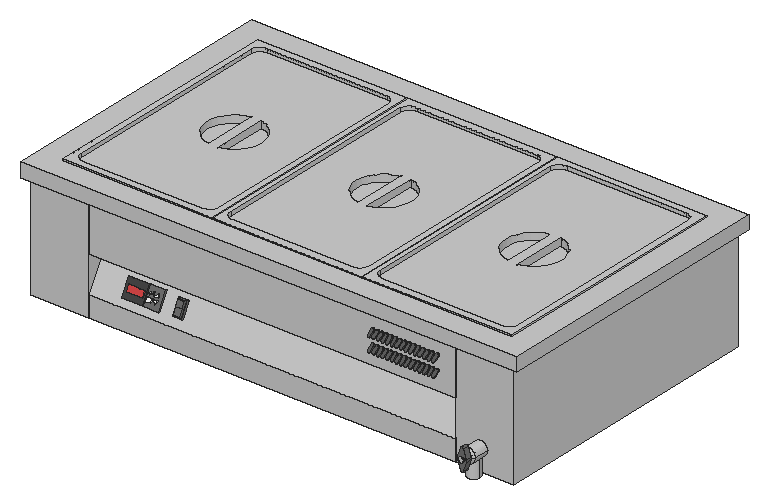
Revit family "QF_INOMAK_MAV610_250604100943", category Specialty Equipment, Revit 2021
Family settings
  Round Connector Dimension = Use Diameter
  Part Type = Normal
  OmniClass Number = 23.40.40.14
  OmniClass Title = Food Service Equipment
  Work Plane-Based = No
  Always vertical = Yes
  Cut with Voids When Loaded = No
  Shared = No
  Room Calculation Point = No
Parameters (values of type "MAV610")
  Weight [instance] = 22.00 kg
  Waste Water Discharge Temperature [instance] = 0 °C
  Waste Remarks [instance] = ""
  Warranty Start Date [instance] = ""
  Warranty Duration [instance] = ""
  Volts [instance] = 230 V
  Volt Free Conn [instance] = no
  URL Recommended Spares List [instance] = ""
  URL Manufacturer [instance] = ""
  URL Cutsheet [instance] = ""
  URL Critical Spares List [instance] = ""
  URL = "www.inomak.com"
  Technical Documentation [instance] = ""
  Tag Number [instance] = ""
  Status [instance] = ""
  Start Up Current [instance] = 0 A
  Specification by User [instance] = ""
  Specification by Manufacturer [instance] = ""
  Sound Level [instance] = ""
  Show Logo [instance] = yes
  Show Clearances [instance] = yes
  Service Life Duration [instance] = ""
  Serial Number [instance] = ""
  Seismic Rating [instance] = ""
  SMACNA No [instance] = ""
  Revision Code [instance] = ""
  Revision [instance] = ""
  Production Year [instance] = ""
  Potential Equalisation [instance] = no
  Point Load [instance] = 0
  Plumbing Connection Type [instance] = ""
  Phase [instance] = 1
  Other Equipment Approvals [instance] = ""
  Operational Current [instance] = 0 A
  Number of Poles [instance] = 2
  No Load Power Draw [instance] = no
  NAFEM Spec ID Number [instance] = ""
  Model Warning [instance] = ""
  Model = "MAV610"
  Min Ckt Ampacity [instance] = 0 A
  Max Overcurrent Protection [instance] = 10 A
  Masterspec [instance] = ""
  Manufacturer = "INOMAK"
  Main switch integrated [instance] = no
  Length Actual [instance] = 1078 mm
  Item Number [instance] = ""
  Installed By [instance] = ""
  Installation Date [instance] = ""
  Indirect Waste Size [instance] = 25.4 mm
  Indirect Waste Remarks [instance] = ""
  Indirect Waste Flow [instance] = 0.0 L/s
  Indirect Waste Connection Type [instance] = ""
  Indirect Waste Connection Height [instance] = 0 mm
  Identify Quantity as Lot [instance] = no
  ID [instance] = ""
  Hygiene Approval [instance] = ""
  Height Actual [instance] = 268 mm
  HP power [instance] = ""
  Furnished By [instance] = ""
  Foodservice Equipment Identifier [instance] = no
  FL Amps [instance] = 8.7 A
  Electrical Remarks [instance] = ""
  Electric power [instance] = 2000 W
  Electric Connection Type [instance] = ""
  Elec Conn RI Height [instance] = 0 mm
  Elec Conn Connection Height [instance] = 0 mm
  ETL Approved [instance] = no
  Direct Waste Water Discharge Temperature [instance] = -273.15 °C
  Direct Waste Size [instance] = 25.4 mm
  Direct Waste RI Height [instance] = 0 mm
  Direct Waste Flow [instance] = 0.0 L/s
  Direct Waste Connection Height [instance] = 0 mm
  Description = "PORTABLE BAIN MARIE WITH 3 GN PANS CAPACITY"
  Depth Actual [instance] = 629 mm
  Default Elevation = 0 mm
  Cycle [instance] = 50 Hz
  Cost = 0
  Connection to energy optimisation system [instance] = yes
  Conn Plug [instance] = ""
  Conn Conduit [instance] = no
  Centralized building control system with digital interface [instance] = ""
  CSI MasterFormat [instance] = ""
  CE Approved [instance] = no
  Barcode [instance] = 0
  Author [instance] = ""
  Asset Identifier [instance] = ""
  Apparent Power [instance] = 2000 VA
  Accessory [instance] = no
Reference planes
  plane 1 "Center (Front/Back)": y = 0
  plane 2: z = 0
  plane 3 "Center (Left/Right)": x = 0
Forms (mm)
  Extrusion 1, solid, not visible
    sketch origin (995.049, -600.029, 12.001) x (1, 0, 0) y (0, 1, 0)
      loop
        line (-2, 2) -> (-2, -2) -> (2, -2) -> (2, 2) -> (-2, 2)
    from -2 to 2
  Extrusion 2, solid, not visible
    sketch origin (80.004, -600.029, 12.001) x (1, 0, 0) y (0, 1, 0)
      loop
        line (-2, 2) -> (-2, -2) -> (2, -2) -> (2, 2) -> (-2, 2)
    from -2 to 2
Dimensions and locks
  locked: nested 2 to Extrusion 1 at 2  (x2)
  locked: nested 3 to Extrusion 2 at 2  (x2)
  aligned and locked: level to plane 2
Nested families
  nested 1: "QF_INOMAK_PORTABLE_BAIN_MARIES_1080_2920" at (0, 0, 0), type "MAV610"
    with Weight 22.00 kg, Warranty Start Date "", Warranty Duration "", URL Cutsheet "", Technical Documentation "", Tag Number "", Status "", Specification by User "", Specification by Manufacturer "", Sound Level "", Solid Fuel Type "", Show Logo yes, Show Clearances yes, Service Life Duration "", Serial Number "", Seismic Rating "", SMACNA No "", Revision Code "", Revision "", Production Year "", Point Load 0, Other Equipment Approvals "", NAFEM Spec ID Number "", Model Warning "", Masterspec "", Length Actual 1078 mm, Item Number "", Installed By "", Installation Date "", Identify Quantity as Lot yes, ID "", Hygiene Approval "", Height Actual 268 mm, Furnished By "", Foodservice Equipment Identifier yes, ETL Approved yes, Depth Actual 629 mm, CSI MasterFormat "", CE Approved yes, Barcode "", Author "", Asset Identifier "", Accessory no
  nested 2: "CONN_POINT_DRAIN_2D___Generic_Annotation" at (995.049, -600.029, 10), type "CONN_POINT_DRAIN_2D___Generic_Annotation"
    with Onboard connection annotation symbol visibility yes
  nested 3: "CONN_POINT_ELE_2D___Generic_Annotation" at (80.004, -600.029, 10), type "CONN_POINT_ELE_2D___Generic_Annotation"
    with Onboard connection annotation symbol visibility yes
Connectors
  piping at (995.049, -600.029, 10), diameter 25.4, driven by "Indirect Waste Size", driven by "Direct Waste Flow"
    settings: on Extrusion 1, index 1, connector inside diameter 609.6 mm, connector length 0 mm, flow factor 0, pipe flow 0.0 L/s, pressure drop 0.0 Pa, fitting loss kfactor 0, connector angle 0.00°, fixture units 0, engagement length 0 mm, angle of deflection 0.00°, flow configuration 1, flow direction 2, fitting loss method 0, system type 16, joint type 0, gender type 0, connector reference index -1, connector utility 0, adjustable connector no, is connector primary yes, connector description "Waste connection for MAV610"
  electrical at (80.004, -600.029, 10), driven by "Apparent Power", driven by "Number of Poles", driven by "Volts"
    settings: on Extrusion 2, index 2, voltage 230 V, apparent load 0 VA, apparent load phase1 2000 VA, apparent load phase2 0 VA, apparent load phase3 0 VA, power factor 1, load classification "Other", number of poles 2, system type 31, power factor state 1, is connector primary yes, connector utility no, sub classification motor no, connector description "Electrical connection for MAV610"
Definition of nested family "QF_INOMAK_PORTABLE_BAIN_MARIES_1080_2920"
  Parameters (values of type "MBSQ610")
    Weight [instance] = 0.00 kg
    Warranty Start Date [instance] = ""
    Warranty Duration [instance] = ""
    URL Cutsheet [instance] = ""
    URL = "www.inomak.com"
    Technical Documentation [instance] = ""
    Tag Number [instance] = ""
    Status [instance] = ""
    Specification by User [instance] = ""
    Specification by Manufacturer [instance] = ""
    Sound Level [instance] = ""
    Solid Fuel Type [instance] = ""
    Show Logo [instance] = yes
    Show Clearances [instance] = yes
    Service Life Duration [instance] = ""
    Serial Number [instance] = ""
    Seismic Rating [instance] = ""
    SMACNA No [instance] = ""
    Revision Code [instance] = ""
    Revision [instance] = ""
    Production Year [instance] = ""
    Point Load [instance] = 0
    Other Equipment Approvals [instance] = ""
    NAFEM Spec ID Number [instance] = ""
    Model Warning [instance] = ""
    Model = "MBSQ610"
    Masterspec [instance] = ""
    Manufacturer = "INOMAK"
    Length Actual [instance] = 0 mm
    Item Number [instance] = ""
    Installed By [instance] = ""
    Installation Date [instance] = ""
    Identify Quantity as Lot [instance] = yes
    ID [instance] = ""
    Hygiene Approval [instance] = ""
    Height Actual [instance] = 0 mm
    Furnished By [instance] = ""
    Foodservice Equipment Identifier [instance] = yes
    ETL Approved [instance] = yes
    Description = "PORTABLE BAIN MARIE WITH 3 GN PANS CAPACITY AND SQUARE SHOWCASE"
    Depth Actual [instance] = 0 mm
    Default Elevation = 0 mm
    CSI MasterFormat [instance] = ""
    CE Approved [instance] = yes
    Barcode [instance] = ""
    Author [instance] = ""
    Asset Identifier [instance] = ""
    Assembly Code = "E1090320"
    Accessory [instance] = yes
  Types (5, lengths in mm): name | Model | Description
    MBV610 | "MBV610" | "PORTABLE BAIN MARIE WITH 3 GN PANS CAPACITY AND SHOWCASE"
    MAV610 | "MAV610" | "PORTABLE BAIN MARIE WITH 3 GN PANS CAPACITY"
    MEV610 | "MEV610" | "PORTABLE BAIN MARIE WITH 3 GN PANS CAPACITY AND SINGLE SNEEZE GUARD"
    MSV610 | "MSV610" | "PORTABLE BAIN MARIE WITH 3 GN PANS CAPACITY AND DOUBLE SNEEZE GUARD"
    MBSQ610 | "MBSQ610" | "PORTABLE BAIN MARIE WITH 3 GN PANS CAPACITY AND SQUARE SHOWCASE"
  Reference planes
    plane 1 "Back": y = 0
    plane 2: z = 0
    plane 3 "Left": x = 0
    plane 4 "Right": x = 1078
    plane 5 "Front": y = -629
    plane 6 "Top": z = 268
  Forms (mm)
    Extrusion 1, solid
      sketch origin (233.428, -636, -16.393) x (-1, 0, 0) y (0, 0, 1)
        loop
          arc (-522.253, 222.665) -> (-526.351, 223.763) -> (-527.449, 219.665) r 3
          line (-527.449, 219.665) -> (-518.449, 204.077)
          arc (-518.449, 204.077) -> (-514.351, 202.979) -> (-513.253, 207.077) r 3
          line (-513.253, 207.077) -> (-522.253, 222.665)
        loop
          arc (-532.253, 222.665) -> (-536.351, 223.763) -> (-537.449, 219.665) r 3
          line (-537.449, 219.665) -> (-528.449, 204.077)
          arc (-528.449, 204.077) -> (-524.351, 202.979) -> (-523.253, 207.077) r 3
          line (-523.253, 207.077) -> (-532.253, 222.665)
        loop
          arc (-542.253, 222.665) -> (-546.351, 223.763) -> (-547.449, 219.665) r 3
          line (-547.449, 219.665) -> (-538.449, 204.077)
          arc (-538.449, 204.077) -> (-534.351, 202.979) -> (-533.253, 207.077) r 3
          line (-533.253, 207.077) -> (-542.253, 222.665)
        loop
          arc (-552.253, 222.665) -> (-556.351, 223.763) -> (-557.449, 219.665) r 3
          line (-557.449, 219.665) -> (-548.449, 204.077)
          arc (-548.449, 204.077) -> (-544.351, 202.979) -> (-543.253, 207.077) r 3
          line (-543.253, 207.077) -> (-552.253, 222.665)
        loop
          arc (-562.253, 222.665) -> (-566.351, 223.763) -> (-567.449, 219.665) r 3
          line (-567.449, 219.665) -> (-558.449, 204.077)
          arc (-558.449, 204.077) -> (-554.351, 202.979) -> (-553.253, 207.077) r 3
          line (-553.253, 207.077) -> (-562.253, 222.665)
        loop
          arc (-572.253, 222.665) -> (-576.351, 223.763) -> (-577.449, 219.665) r 3
          line (-577.449, 219.665) -> (-568.449, 204.077)
          arc (-568.449, 204.077) -> (-564.351, 202.979) -> (-563.253, 207.077) r 3
          line (-563.253, 207.077) -> (-572.253, 222.665)
        loop
          arc (-582.253, 222.665) -> (-586.351, 223.763) -> (-587.449, 219.665) r 3
          line (-587.449, 219.665) -> (-578.449, 204.077)
          arc (-578.449, 204.077) -> (-574.351, 202.979) -> (-573.253, 207.077) r 3
          line (-573.253, 207.077) -> (-582.253, 222.665)
        loop
          arc (-592.253, 222.665) -> (-596.351, 223.763) -> (-597.449, 219.665) r 3
          line (-597.449, 219.665) -> (-588.449, 204.077)
          arc (-588.449, 204.077) -> (-584.351, 202.979) -> (-583.253, 207.077) r 3
          line (-583.253, 207.077) -> (-592.253, 222.665)
        loop
          arc (-602.253, 222.665) -> (-606.351, 223.763) -> (-607.449, 219.665) r 3
          line (-607.449, 219.665) -> (-598.449, 204.077)
          arc (-598.449, 204.077) -> (-594.351, 202.979) -> (-593.253, 207.077) r 3
          line (-593.253, 207.077) -> (-602.253, 222.665)
        loop
          arc (-612.253, 222.665) -> (-616.351, 223.763) -> (-617.449, 219.665) r 3
          line (-617.449, 219.665) -> (-608.449, 204.077)
          arc (-608.449, 204.077) -> (-604.351, 202.979) -> (-603.253, 207.077) r 3
          line (-603.253, 207.077) -> (-612.253, 222.665)
        loop
          arc (-622.253, 222.665) -> (-626.351, 223.763) -> (-627.449, 219.665) r 3
          line (-627.449, 219.665) -> (-618.449, 204.077)
          arc (-618.449, 204.077) -> (-614.351, 202.979) -> (-613.253, 207.077) r 3
          line (-613.253, 207.077) -> (-622.253, 222.665)
        loop
          arc (-632.253, 222.665) -> (-636.351, 223.763) -> (-637.449, 219.665) r 3
          line (-637.449, 219.665) -> (-628.449, 204.077)
          arc (-628.449, 204.077) -> (-624.351, 202.979) -> (-623.253, 207.077) r 3
          line (-623.253, 207.077) -> (-632.253, 222.665)
        loop
          arc (-642.253, 222.665) -> (-646.351, 223.763) -> (-647.449, 219.665) r 3
          line (-647.449, 219.665) -> (-638.449, 204.077)
          arc (-638.449, 204.077) -> (-634.351, 202.979) -> (-633.253, 207.077) r 3
          line (-633.253, 207.077) -> (-642.253, 222.665)
        loop
          arc (-652.253, 222.665) -> (-656.351, 223.763) -> (-657.449, 219.665) r 3
          line (-657.449, 219.665) -> (-648.449, 204.077)
          arc (-648.449, 204.077) -> (-644.351, 202.979) -> (-643.253, 207.077) r 3
          line (-643.253, 207.077) -> (-652.253, 222.665)
        loop
          arc (-662.253, 222.665) -> (-666.351, 223.763) -> (-667.449, 219.665) r 3
          line (-667.449, 219.665) -> (-658.449, 204.077)
          arc (-658.449, 204.077) -> (-654.351, 202.979) -> (-653.253, 207.077) r 3
          line (-653.253, 207.077) -> (-662.253, 222.665)
        loop
          arc (-522.253, 192.665) -> (-526.351, 193.763) -> (-527.449, 189.665) r 3
          line (-527.449, 189.665) -> (-518.449, 174.077)
          arc (-518.449, 174.077) -> (-514.351, 172.979) -> (-513.253, 177.077) r 3
          line (-513.253, 177.077) -> (-522.253, 192.665)
        loop
          arc (-532.253, 192.665) -> (-536.351, 193.763) -> (-537.449, 189.665) r 3
          line (-537.449, 189.665) -> (-528.449, 174.077)
          arc (-528.449, 174.077) -> (-524.351, 172.979) -> (-523.253, 177.077) r 3
          line (-523.253, 177.077) -> (-532.253, 192.665)
        loop
          arc (-542.253, 192.665) -> (-546.351, 193.763) -> (-547.449, 189.665) r 3
          line (-547.449, 189.665) -> (-538.449, 174.077)
          arc (-538.449, 174.077) -> (-534.351, 172.979) -> (-533.253, 177.077) r 3
          line (-533.253, 177.077) -> (-542.253, 192.665)
        loop
          arc (-552.253, 192.665) -> (-556.351, 193.763) -> (-557.449, 189.665) r 3
          line (-557.449, 189.665) -> (-548.449, 174.077)
          arc (-548.449, 174.077) -> (-544.351, 172.979) -> (-543.253, 177.077) r 3
          line (-543.253, 177.077) -> (-552.253, 192.665)
        loop
          arc (-562.253, 192.665) -> (-566.351, 193.763) -> (-567.449, 189.665) r 3
          line (-567.449, 189.665) -> (-558.449, 174.077)
          arc (-558.449, 174.077) -> (-554.351, 172.979) -> (-553.253, 177.077) r 3
          line (-553.253, 177.077) -> (-562.253, 192.665)
        loop
          arc (-572.253, 192.665) -> (-576.351, 193.763) -> (-577.449, 189.665) r 3
          line (-577.449, 189.665) -> (-568.449, 174.077)
          arc (-568.449, 174.077) -> (-564.351, 172.979) -> (-563.253, 177.077) r 3
          line (-563.253, 177.077) -> (-572.253, 192.665)
        loop
          arc (-582.253, 192.665) -> (-586.351, 193.763) -> (-587.449, 189.665) r 3
          line (-587.449, 189.665) -> (-578.449, 174.077)
          arc (-578.449, 174.077) -> (-574.351, 172.979) -> (-573.253, 177.077) r 3
          line (-573.253, 177.077) -> (-582.253, 192.665)
        loop
          arc (-592.253, 192.665) -> (-596.351, 193.763) -> (-597.449, 189.665) r 3
          line (-597.449, 189.665) -> (-588.449, 174.077)
          arc (-588.449, 174.077) -> (-584.351, 172.979) -> (-583.253, 177.077) r 3
          line (-583.253, 177.077) -> (-592.253, 192.665)
        loop
          arc (-602.253, 192.665) -> (-606.351, 193.763) -> (-607.449, 189.665) r 3
          line (-607.449, 189.665) -> (-598.449, 174.077)
          arc (-598.449, 174.077) -> (-594.351, 172.979) -> (-593.253, 177.077) r 3
          line (-593.253, 177.077) -> (-602.253, 192.665)
        loop
          arc (-612.253, 192.665) -> (-616.351, 193.763) -> (-617.449, 189.665) r 3
          line (-617.449, 189.665) -> (-608.449, 174.077)
          arc (-608.449, 174.077) -> (-604.351, 172.979) -> (-603.253, 177.077) r 3
          line (-603.253, 177.077) -> (-612.253, 192.665)
        loop
          arc (-622.253, 192.665) -> (-626.351, 193.763) -> (-627.449, 189.665) r 3
          line (-627.449, 189.665) -> (-618.449, 174.077)
          arc (-618.449, 174.077) -> (-614.351, 172.979) -> (-613.253, 177.077) r 3
          line (-613.253, 177.077) -> (-622.253, 192.665)
        loop
          arc (-632.253, 192.665) -> (-636.351, 193.763) -> (-637.449, 189.665) r 3
          line (-637.449, 189.665) -> (-628.449, 174.077)
          arc (-628.449, 174.077) -> (-624.351, 172.979) -> (-623.253, 177.077) r 3
          line (-623.253, 177.077) -> (-632.253, 192.665)
        loop
          arc (-642.253, 192.665) -> (-646.351, 193.763) -> (-647.449, 189.665) r 3
          line (-647.449, 189.665) -> (-638.449, 174.077)
          arc (-638.449, 174.077) -> (-634.351, 172.979) -> (-633.253, 177.077) r 3
          line (-633.253, 177.077) -> (-642.253, 192.665)
        loop
          arc (-652.253, 192.665) -> (-656.351, 193.763) -> (-657.449, 189.665) r 3
          line (-657.449, 189.665) -> (-648.449, 174.077)
          arc (-648.449, 174.077) -> (-644.351, 172.979) -> (-643.253, 177.077) r 3
          line (-643.253, 177.077) -> (-652.253, 192.665)
        loop
          arc (-662.253, 192.665) -> (-666.351, 193.763) -> (-667.449, 189.665) r 3
          line (-667.449, 189.665) -> (-658.449, 174.077)
          arc (-658.449, 174.077) -> (-654.351, 172.979) -> (-653.253, 177.077) r 3
          line (-653.253, 177.077) -> (-662.253, 192.665)
      from 16.5 to 18.5
    Extrusion 2, solid
      sketch origin (0, -641.208, 0) x (-1, 0, 0) y (0, 0, 1)
        loop
          line (-15, 10) -> (-15, 238) -> (-140, 238) -> (-140, 10) -> (-15, 10)
      from 22.208 to 631.208
    Extrusion 3, solid
      sketch origin (0, 0, 238) x (1, 0, 0) y (0, 1, 0)
        loop
          line (0, 0) -> (0, -629) -> (1078, -629) -> (1078, 0) -> (0, 0)
        loop
          line (51.5, -579) -> (1026.5, -579) -> (1026.5, -49) -> (51.5, -49) -> (51.5, -579)
      from 0 to 30
    Extrusion 4, solid
      sketch origin (1079, -641.208, 0) x (1, 0, 0) y (0, 0, -1)
        loop
          line (-15, -10) -> (-141, -10) -> (-141, -238) -> (-15, -238) -> (-15, -10)
      from 22.208 to 631.208
    Extrusion 5, solid
      sketch origin (-1, 0, 0) x (0, 1, 0) y (0, 0, 1)
        loop
          line (-619, 238) -> (-619, 133.92) -> (-579, 124.282) -> (-619, 55) -> (-619, 10) -> (-10, 10) -> (-10, 238) -> (-619, 238)
      from 141 to 939
    Revolve 6, solid
      sketch origin (0, -594, 0) x (-1, 0, 0) y (0, 0, 1)
        loop
          line (-27.5, 10) -> (-40, 10) -> (-40, 0) -> (-30, 0) -> (-27.5, 10)
        axis (-40, 0) -> (-40, 10)
      angle from 0 to 360
    Revolve 7, solid
      sketch origin (1078, -594, 0) x (1, 0, 0) y (0, 0, -1)
        loop
          line (-27.5, -10) -> (-30, 0) -> (-40, 0) -> (-40, -10) -> (-27.5, -10)
        axis (-40, 0) -> (-40, -10)
      angle from 0 to 360
    Extrusion 8, solid
      sketch origin (-1, -646.329, 9.665) x (-1, 0, 0) y (0, 0.5, 0.866025)
        loop
          line (-208.234, 108.408) -> (-253.234, 108.408) -> (-253.234, 68.408) -> (-208.234, 68.408) -> (-208.234, 108.408)
      from 0 to 2
    Extrusion 9, solid
      sketch origin (-612.766, -619.914, 59.417) x (-1, 0, 0) y (0, 0.5, 0.866025)
        loop
          line (-950, 15) -> (-930, 15) -> (-930, 50) -> (-950, 50) -> (-950, 15)
      from 0 to 3
    Extrusion 10, solid
      sketch origin (-584.766, -511.66, -3.083) x (0, 0.866025, -0.5) y (0, 0.5, 0.866025)
        loop
          line (-125, 18) -> (-125, 47)
          arc (-125, 47) -> (-127.961, 46.812) -> (-130.754, 45.81) r 10.576
          line (-130.754, 45.81) -> (-128, 32.5) -> (-128, 18) -> (-125, 18)
      from 905 to 919
    Extrusion 11, solid
      sketch origin (44, -646.329, 9.665) x (-1, 0, 0) y (0, 0.5, 0.866025)
        loop
          line (-208.234, 108.408) -> (-243.234, 108.408) -> (-243.234, 68.408) -> (-208.234, 68.408) -> (-208.234, 108.408)
      from 0 to 2
    Extrusion 12, solid
      sketch origin (-1, -646.762, 9.915) x (-1, 0, 0) y (0, 0.5, 0.866025)
        loop
          line (-213.234, 94.908) -> (-248.234, 94.908) -> (-248.234, 81.908) -> (-213.234, 81.908) -> (-213.234, 94.908)
      from 0 to 2.5
    Extrusion 13, solid
      sketch origin (-1, -646.762, 9.915) x (-1, 0, 0) y (0, 0.5, 0.866025)
        loop
          line (-271.558, 91.171) -> (-275.802, 98.522) -> (-280.047, 91.171) -> (-271.558, 91.171)
        loop
          line (-271.558, 85.645) -> (-280.047, 85.645) -> (-275.802, 78.294) -> (-271.558, 85.645)
        loop
          line (-257.397, 85.645) -> (-267.397, 85.645) -> (-267.397, 78.294) -> (-257.397, 78.294) -> (-257.397, 85.645)
        loop
          line (-265.397, 98.522) -> (-267.397, 98.522) -> (-267.397, 92.322) -> (-259.549, 92.322) -> (-259.549, 91.171) -> (-257.397, 93.322) -> (-259.549, 95.474) -> (-259.549, 94.322) -> (-265.397, 94.322) -> (-265.397, 98.522)
      from 0 to 2.5
    Revolve 14, solid
      sketch origin (0, -25, 0) x (-1, 0, 0) y (0, 0, -1)
        loop
          line (-27.5, -10) -> (-30, 0) -> (-40, 0) -> (-40, -10) -> (-27.5, -10)
        axis (-40, 0) -> (-40, -10)
      angle from 0 to 360
    Revolve 15, solid
      sketch origin (1078, -25, 0) x (1, 0, 0) y (0, 0, 1)
        loop
          line (-27.5, 10) -> (-40, 10) -> (-40, 0) -> (-30, 0) -> (-27.5, 10)
        axis (-40, 0) -> (-40, 10)
      angle from 0 to 360
    Extrusion 16, solid
      sketch origin (319, 4.125, 0) x (1, 0, 0) y (0, 1, 0)
        loop
          circle (672.38, -640.973) r 13
        loop
          circle (672.38, -640.973) r 11
      from 10 to 55
    Revolve 17, solid
      sketch origin (319, 1, 55) x (1, 0, 0) y (0, 1, 0)
        loop
          line (657.38, -620) -> (657.38, -651.68) -> (662.497, -655.973) -> (672.497, -655.973) -> (672.497, -620) -> (657.38, -620)
        axis (672.497, -655.973) -> (672.497, -620)
      angle from 0 to 360
    Extrusion 18, solid
      sketch origin (319, -629, 0) x (-1, 0, 0) y (0, 0, 1)
        loop
          circle (-672.38, 55) r 5
      from -41.78 to -25.973
    Extrusion 19, solid
      sketch origin (319, -629, 0) x (-1, 0, 0) y (0, 0, 1)
        loop
          arc (-682.087, 57.836) -> (-682.497, 55) -> (-682.087, 52.164) r 10
          line (-682.087, 52.164) -> (-676.619, 33.676)
          arc (-676.619, 33.676) -> (-672.497, 30.597) -> (-668.376, 33.676) r 4.298
          line (-668.376, 33.676) -> (-662.908, 52.164)
          arc (-662.908, 52.164) -> (-662.497, 55) -> (-662.908, 57.836) r 10
          line (-662.908, 57.836) -> (-668.376, 76.324)
          arc (-668.376, 76.324) -> (-672.497, 79.403) -> (-676.619, 76.324) r 4.298
          line (-676.619, 76.324) -> (-682.087, 57.836)
      from -39.243 to -29.243
    Extrusion 20, solid
      sketch origin (-3.5, 1, 0) x (1, 0, 0) y (0, 1, 0)
        loop
          line (55, -50) -> (55, -580) -> (380, -580) -> (380, -50) -> (55, -50)
        loop
          arc (87.5, -65) -> (73.358, -70.858) -> (67.5, -85) r 20
          line (67.5, -85) -> (67.5, -545.415)
          arc (67.5, -545.415) -> (73.358, -559.557) -> (87.5, -565.415) r 20
          line (87.5, -565.415) -> (347.5, -565.415)
          arc (347.5, -565.415) -> (361.642, -559.557) -> (367.5, -545.415) r 20
          line (367.5, -545.415) -> (367.5, -85)
          arc (367.5, -85) -> (361.642, -70.858) -> (347.5, -65) r 20
          line (347.5, -65) -> (87.5, -65)
      from 238 to 270
    Extrusion 21, solid
      sketch origin (-3.5, 1, -7) x (1, 0, 0) y (0, 1, 0)
        loop
          arc (67.5, -545.415) -> (73.358, -559.557) -> (87.5, -565.415) r 20
          line (87.5, -565.415) -> (347.5, -565.415)
          arc (347.5, -565.415) -> (361.642, -559.557) -> (367.5, -545.415) r 20
          line (367.5, -545.415) -> (367.5, -85)
          arc (367.5, -85) -> (361.642, -70.858) -> (347.5, -65) r 20
          line (347.5, -65) -> (87.5, -65)
          arc (87.5, -65) -> (73.358, -70.858) -> (67.5, -85) r 20
          line (67.5, -85) -> (67.5, -545.415)
      from 245 to 270
    Extrusion 22, void
      sketch origin (-3.5, 1, 8) x (1, 0, 0) y (0, 1, 0)
        loop
          arc (207.5, -256.046) -> (157.5, -315.207) -> (207.5, -374.368) r 60
          line (207.5, -374.368) -> (207.5, -256.046)
        loop
          line (227.5, -256.046) -> (227.5, -374.368)
          arc (227.5, -374.368) -> (277.5, -315.207) -> (227.5, -256.046) r 60
      from 240 to 270
    Extrusion 23, solid
      sketch origin (321.5, 1, 0) x (1, 0, 0) y (0, 1, 0)
        loop
          line (55, -50) -> (55, -580) -> (380, -580) -> (380, -50) -> (55, -50)
        loop
          arc (87.5, -65) -> (73.358, -70.858) -> (67.5, -85) r 20
          line (67.5, -85) -> (67.5, -545.415)
          arc (67.5, -545.415) -> (73.358, -559.557) -> (87.5, -565.415) r 20
          line (87.5, -565.415) -> (347.5, -565.415)
          arc (347.5, -565.415) -> (361.642, -559.557) -> (367.5, -545.415) r 20
          line (367.5, -545.415) -> (367.5, -85)
          arc (367.5, -85) -> (361.642, -70.858) -> (347.5, -65) r 20
          line (347.5, -65) -> (87.5, -65)
      from 238 to 270
    Extrusion 24, solid
      sketch origin (321.5, 1, -7) x (1, 0, 0) y (0, 1, 0)
        loop
          arc (67.5, -545.415) -> (73.358, -559.557) -> (87.5, -565.415) r 20
          line (87.5, -565.415) -> (347.5, -565.415)
          arc (347.5, -565.415) -> (361.642, -559.557) -> (367.5, -545.415) r 20
          line (367.5, -545.415) -> (367.5, -85)
          arc (367.5, -85) -> (361.642, -70.858) -> (347.5, -65) r 20
          line (347.5, -65) -> (87.5, -65)
          arc (87.5, -65) -> (73.358, -70.858) -> (67.5, -85) r 20
          line (67.5, -85) -> (67.5, -545.415)
      from 245 to 270
    Extrusion 25, void
      sketch origin (321.5, 1, 8) x (1, 0, 0) y (0, 1, 0)
        loop
          arc (207.5, -256.046) -> (157.5, -315.207) -> (207.5, -374.368) r 60
          line (207.5, -374.368) -> (207.5, -256.046)
        loop
          line (227.5, -256.046) -> (227.5, -374.368)
          arc (227.5, -374.368) -> (277.5, -315.207) -> (227.5, -256.046) r 60
      from 240 to 270
    Extrusion 26, solid
      sketch origin (646.5, 1, 0) x (1, 0, 0) y (0, 1, 0)
        loop
          line (55, -50) -> (55, -580) -> (380, -580) -> (380, -50) -> (55, -50)
        loop
          arc (87.5, -65) -> (73.358, -70.858) -> (67.5, -85) r 20
          line (67.5, -85) -> (67.5, -545.415)
          arc (67.5, -545.415) -> (73.358, -559.557) -> (87.5, -565.415) r 20
          line (87.5, -565.415) -> (347.5, -565.415)
          arc (347.5, -565.415) -> (361.642, -559.557) -> (367.5, -545.415) r 20
          line (367.5, -545.415) -> (367.5, -85)
          arc (367.5, -85) -> (361.642, -70.858) -> (347.5, -65) r 20
          line (347.5, -65) -> (87.5, -65)
      from 238 to 270
    Extrusion 27, solid
      sketch origin (646.5, 1, -7) x (1, 0, 0) y (0, 1, 0)
        loop
          arc (67.5, -545.415) -> (73.358, -559.557) -> (87.5, -565.415) r 20
          line (87.5, -565.415) -> (347.5, -565.415)
          arc (347.5, -565.415) -> (361.642, -559.557) -> (367.5, -545.415) r 20
          line (367.5, -545.415) -> (367.5, -85)
          arc (367.5, -85) -> (361.642, -70.858) -> (347.5, -65) r 20
          line (347.5, -65) -> (87.5, -65)
          arc (87.5, -65) -> (73.358, -70.858) -> (67.5, -85) r 20
          line (67.5, -85) -> (67.5, -545.415)
      from 245 to 270
    Extrusion 28, void
      sketch origin (646.5, 1, 8) x (1, 0, 0) y (0, 1, 0)
        loop
          arc (207.5, -256.046) -> (157.5, -315.207) -> (207.5, -374.368) r 60
          line (207.5, -374.368) -> (207.5, -256.046)
        loop
          line (227.5, -256.046) -> (227.5, -374.368)
          arc (227.5, -374.368) -> (277.5, -315.207) -> (227.5, -256.046) r 60
      from 240 to 270
  Cuts and joins
    Extrusion 22, Extrusion 25 cuts Extrusion 21
    Extrusion 25, Extrusion 28 cuts Extrusion 24
    Extrusion 28 cuts Extrusion 27
  Lines and regions (mm)
    symbolic lines
      curve 1: line (0, 0, 0) -> (1078, 0, 0)
      curve 2: line (0, -629, 0) -> (0, 0, 0)
      curve 3: line (1078, -629, 0) -> (0, -629, 0)
      curve 4: line (1078, 0, 0) -> (1078, -629, 0)
      curve 5: line (51.5, -49, 0) -> (1026.5, -49, 0)
      curve 6: line (51.5, -579, 0) -> (51.5, -49, 0)
      curve 7: line (1026.5, -579, 0) -> (51.5, -579, 0)
      curve 8: line (701.5, -49, 0) -> (701.5, -579, 0)
      curve 9: line (376.5, -49, 0) -> (376.5, -579, 0)
      curve 10: line (1026.5, -49, 0) -> (1026.5, -579, 0)
      curve 11: line (84, -64, 0) -> (344, -64, 0)
      curve 12: arc (344, -64, 0) -> (358.142, -69.858, 0) -> (364, -84, 0) r 20
      curve 13: line (364, -84, 0) -> (364, -544.415, 0)
      curve 14: arc (364, -544.415, 0) -> (358.142, -558.557, 0) -> (344, -564.415, 0) r 20
      curve 15: line (344, -564.415, 0) -> (84, -564.415, 0)
      curve 16: arc (84, -564.415, 0) -> (69.858, -558.557, 0) -> (64, -544.415, 0) r 20
      curve 17: line (64, -544.415, 0) -> (64, -84, 0)
      curve 18: arc (64, -84, 0) -> (69.858, -69.858, 0) -> (84, -64, 0) r 20
      curve 19: arc (204, -255.046, 0) -> (154, -314.207, 0) -> (204, -373.368, 0) r 60
      curve 20: line (204, -373.368, 0) -> (204, -255.046, 0)
      curve 21: line (224, -255.046, 0) -> (224, -373.368, 0)
      curve 22: arc (224, -373.368, 0) -> (274, -314.207, 0) -> (224, -255.046, 0) r 60
      curve 23: line (389, -544.415, 0) -> (389, -84, 0)
      curve 24: arc (389, -84, 0) -> (394.858, -69.858, 0) -> (409, -64, 0) r 20
      curve 25: line (409, -64, 0) -> (669, -64, 0)
      curve 26: arc (669, -64, 0) -> (683.142, -69.858, 0) -> (689, -84, 0) r 20
      curve 27: line (689, -84, 0) -> (689, -544.415, 0)
      curve 28: arc (689, -544.415, 0) -> (683.142, -558.557, 0) -> (669, -564.415, 0) r 20
      curve 29: line (669, -564.415, 0) -> (409, -564.415, 0)
      curve 30: arc (409, -564.415, 0) -> (394.858, -558.557, 0) -> (389, -544.415, 0) r 20
      curve 31: arc (529, -255.046, 0) -> (479, -314.207, 0) -> (529, -373.368, 0) r 60
      curve 32: line (529, -373.368, 0) -> (529, -255.046, 0)
      curve 33: line (549, -255.046, 0) -> (549, -373.368, 0)
      curve 34: arc (549, -373.368, 0) -> (599, -314.207, 0) -> (549, -255.046, 0) r 60
      curve 35: arc (854, -255.046, 0) -> (804, -314.207, 0) -> (854, -373.368, 0) r 60
      curve 36: line (854, -373.368, 0) -> (854, -255.046, 0)
      curve 37: line (874, -255.046, 0) -> (874, -373.368, 0)
      curve 38: arc (874, -373.368, 0) -> (924, -314.207, 0) -> (874, -255.046, 0) r 60
      curve 39: line (714, -544.415, 0) -> (714, -84, 0)
      curve 40: arc (714, -84, 0) -> (719.858, -69.858, 0) -> (734, -64, 0) r 20
      curve 41: line (734, -64, 0) -> (994, -64, 0)
      curve 42: arc (994, -64, 0) -> (1008.142, -69.858, 0) -> (1014, -84, 0) r 20
      curve 43: line (1014, -84, 0) -> (1014, -544.415, 0)
      curve 44: arc (1014, -544.415, 0) -> (1008.142, -558.557, 0) -> (994, -564.415, 0) r 20
      curve 45: line (994, -564.415, 0) -> (734, -564.415, 0)
      curve 46: arc (734, -564.415, 0) -> (719.858, -558.557, 0) -> (714, -544.415, 0) r 20
  Dimensions and locks
    plane 3 "Left" to plane 4 "Right" = 1078 mm
    plane 5 "Front" to plane 1 "Back" = 629 mm
    plane 6 "Top" to plane 2 = 268 mm
    aligned and locked: level to plane 2
Definition of nested family "CONN_POINT_DRAIN_2D___Generic_Annotation"
  Parameters (values of type "CONN_POINT_DRAIN_2D___Generic_Annotation")
    Onboard connection annotation symbol visibility [instance] = yes
  Reference planes
    plane 1: y = 0
    plane 2: x = 0
  Lines and regions (mm)
    detail lines, visible <- "Onboard connection annotation symbol visibility"
      curve 1: circle (0, 0, 0) r 0.5 normal (0, 0, 1)
      curve 2: line (-1, 0, 0) -> (1, 0, 0)
      curve 3: line (0, 1, 0) -> (0, -1, 0)
      curve 4: line (1.776, 1, 0) -> (1.25, 1, 0)
      curve 5: line (1.25, 1, 0) -> (1.25, -1, 0)
      curve 6: line (1.25, -1, 0) -> (1.776, -1, 0)
      curve 7: arc (2.206, -0.862, 0) -> (2.459, -0.589, 0) -> (2.583, -0.238, 0) r 0.918
      curve 8: arc (2.583, 0.238, 0) -> (2.459, 0.589, 0) -> (2.206, 0.862, 0) r 0.918
      curve 9: arc (2.583, -0.238, 0) -> (2.599, 0, 0) -> (2.583, 0.238, 0) r 1.77
      curve 10: arc (2.206, 0.862, 0) -> (2.002, 0.965, 0) -> (1.776, 1, 0) r 0.741
      curve 11: arc (1.776, -1, 0) -> (2.002, -0.965, 0) -> (2.206, -0.862, 0) r 0.741
Definition of nested family "CONN_POINT_ELE_2D___Generic_Annotation"
  Parameters (values of type "CONN_POINT_ELE_2D___Generic_Annotation")
    Onboard connection annotation symbol visibility [instance] = yes
  Reference planes
    plane 1: y = 0
    plane 2: x = 0
  Lines and regions (mm)
    detail lines, visible <- "Onboard connection annotation symbol visibility"
      curve 1: circle (0, 0, 0) r 0.5 normal (0, 0, 1)
      curve 2: line (-1, 0, 0) -> (1, 0, 0)
      curve 3: line (0, 1, 0) -> (0, -1, 0)
      curve 4: line (2.5, 1, 0) -> (1.25, 1, 0)
      curve 5: line (1.25, 1, 0) -> (1.25, -1, 0)
      curve 6: line (1.25, -1, 0) -> (2.5, -1, 0)
      curve 7: line (1.25, 0, 0) -> (2, 0, 0)
